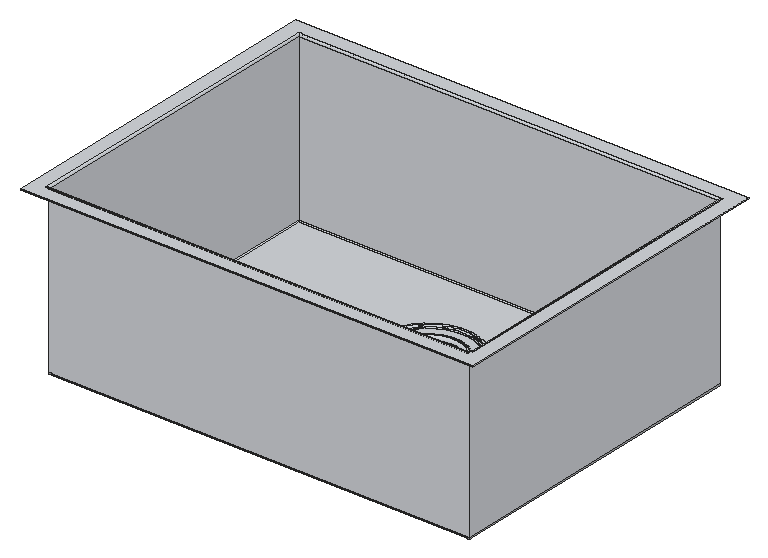
Revit family "Sink-Under_Mount-Kitchen-KOHLER-Vault-K-3822", category Plumbing Fixtures, host Face, Revit 2015
Parameters (values of type "NA-Stainless Steel")
  Width = 18 1/4"  # constant formula
  WaterSense Certified = 1 = 0  # no
  Waste Water Outlet = "Waste Water Outlet"  # constant formula
  Waste Connection = 1 = 1  # yes
  Vent Connection = 1 = 0  # no
  URL = "https://www.us.kohler.com/us/"
  Product Page URL = "http://www.us.kohler.com/us/catalog/productDetails.jsp?productNumber=3822"
  Product Name = "Vault"  # constant formula
  Product Documentation Link = "https://www.us.kohler.com/webassets/kpna/catalog/pdf/en/K-3822_spec.pdf"
  Model = "K-3822-NA"  # constant formula
  Material = "18-Gauge Stainless Steel"  # constant formula
  MasterFormat 2004 = "22.41.16"  # constant formula
  MasterFormat 1995 = "15410"  # constant formula
  Manufacturer Address = "444 Highland Dr, Kohler, WI 53044"  # constant formula
  Manufacturer = "KOHLER Co."  # constant formula
  Length = 24"  # constant formula
  Hot Water Inlet = "Hot Water Inlet"  # constant formula
  Height = 9 3/8"  # constant formula
  HW Connection = 1 = 0  # no
  Finish = Kohler-Metal-NA-Stainless
  Environmental Product Declaration = ""
  Drain Included = 1 = 0  # no
  Description = "24 inch x 18-1/4 inch x 9-3/8 inch under-mount medium single-bowl kitchen sink with no faucet holes"  # constant formula
  Default Elevation = 36"
  Declare Label = ""
  Date Modified = "04/15/2019"  # constant formula
  Date Created = "04/15/2019"  # constant formula
  Copyright = "Copyright KOHLER Co."  # constant formula
  Contact Us = "https://www.us.kohler.com/us/static/contact.jsp"
  Cold Water Inlet = "Cold Water Inlet"  # constant formula
  CW Connection = 1 = 0  # no
  Assembly Code = "D2010400"
  ADA Compliant = 1 = 0  # no
Reference planes
  plane 1 "Center (Front/Back)": y = 0
  plane 2: z = 0
  plane 3 "Center (Left/Right)": x = 0
  plane 4: x = -304.8
  plane 5: x = 304.8
  plane 6: y = -304.8
  plane 7: y = 158.75
  plane 8: x = -282.575
  plane 9: y = 136.525
  plane 10: y = -282.575
  plane 11: x = 282.575
  plane 12: z = -25.4
  plane 13: z = -263.525
  plane 14: z = -332.613
Forms (mm)
  Extrusion 1, void
    sketch origin (0, 0, 0) x (1, 0, 0) y (0, 1, 0)
      loop
        line (-284.063, 138.013) -> (-284.063, -284.063) -> (284.063, -284.063) -> (284.063, 138.013) -> (-284.063, 138.013)
    from -25.4 to 19.401
  Extrusion 2, void
    sketch origin (0, 0, 0) x (1, 0, 0) y (0, 1, 0)
      loop
        line (-304.8, 158.75) -> (-304.8, -304.8) -> (304.8, -304.8) -> (304.8, 158.75) -> (-304.8, 158.75)
    from -332.613 to -25.4
Dimensions and locks
  locked: level to plane 12 at 25.4
  locked: plane 7 to plane 9 at 22.225
  "Length": plane 4 to plane 5
  "Width": plane 7 to plane 6
  "Height": plane 12 to plane 13
  locked: plane 7 to plane 1 "Center (Front/Back)" at 158.75
  aligned and locked: plane 2 to host face
  aligned and locked: level to host face
Automatic sketch dimensions
  host sketch curve to host sketch curve = 96"  (x2)
  Extrusion 2 sketch curve to plane 4 = 0"
  Extrusion 2 sketch curve to plane 5 = 0"
  plane 6 to Extrusion 2 sketch curve = 0"
  Extrusion 2 sketch curve to plane 7 = 0"
  Extrusion 1 sketch curve to plane 8 = 15/256"
  Extrusion 1 sketch curve to plane 11 = 15/256"
  Extrusion 1 sketch curve to plane 10 = 15/256"
  plane 9 to Extrusion 1 sketch curve = 15/256"
Nested families
  nested 1: "K-3822" at (0, -22.225, -25.4), type "K-3822"
Connectors
  piping at (0, 0, -332.613), diameter 38.1, driven by "Waste Connection", driven by "Waste Water Outlet"
    settings: on nested 1, index 1, connector inside diameter 24", connector length 0", flow factor 0, pipe flow 0 GPM, pressure drop 0.00 psi, fitting loss kfactor 0, connector angle 0.00°, fixture units 0, engagement length 0", angle of deflection 0.00°, flow configuration 0, flow direction 2, fitting loss method 0, system type 16, joint type 0, gender type 0, connector reference index -1, connector utility 1, adjustable connector no, is connector primary yes, connector description "Waste Water Outlet"
Definition of nested family "K-3822"
  Parameters (values of type "K-3822")
    Material = none
  Reference planes
    plane 1 "Center (Front/Back)": y = 0
    plane 2: z = 0
    plane 3 "Center (Left/Right)": x = 0
    plane 4: x = -304.8
    plane 5: y = 158.75
    plane 6: y = 180.975
    plane 7: y = -282.575
    plane 8: y = -260.35
    plane 9: x = 304.8
    plane 10: x = 282.575
    plane 11: x = -282.575
    plane 12: z = -238.125
    plane 13: y = 22.225
  Forms (mm)
    Sweep 1, solid, material <- "Material", detail levels medium+fine
      path origin (0, 0, 0) x (1, 0, 0) y (0, 1, 0)
        loop
          line (282.575, 158.75) -> (-282.575, 158.75) -> (-282.575, -260.35) -> (282.575, -260.35) -> (282.575, 158.75)
      profile origin (-282.575, -50.8, 0) x (1, 0, 0) y (0, 0, 1)
        loop
          arc (0, -2.772) -> (-0.812, -0.812) -> (-2.772, 0) r 2.772
          line (-2.772, 0) -> (-22.225, 0) -> (-22.225, -1.219) -> (-2.792, -1.219)
          arc (-2.792, -1.219) -> (-1.68, -1.68) -> (-1.219, -2.792) r 1.573
          line (-1.219, -2.792) -> (-1.219, -223.65)
          arc (-1.219, -223.65) -> (-0.406, -225.615) -> (1.559, -226.429) r 2.778
          line (1.559, -226.429) -> (4.329, -226.429) -> (4.329, -225.21) -> (1.587, -225.21)
          arc (1.587, -225.21) -> (0.465, -224.745) -> (0, -223.622) r 1.588
          line (0, -223.622) -> (0, -2.772)
    Blend 2, solid, material <- "Material", detail levels medium+fine
      base sketch origin (0, 0, 0) x (1, 0, 0) y (0, 1, 0)
        loop
          line (-280.988, -258.763) -> (280.988, -258.763) -> (280.988, 157.163) -> (-280.988, 157.163) -> (-280.988, -258.763)
      top sketch origin (0, 0, 0) x (1, 0, 0) y (0, 1, 0)
        loop
          arc (55.489, 49.035) -> (0.093, 83.851) -> (-55.407, 49.203) r 61.626
          arc (-55.407, 49.203) -> (-60.778, 12.034) -> (-43.578, -21.35) r 61.626
          arc (-43.578, -21.35) -> (-0.082, -39.401) -> (43.461, -21.466) r 61.626
          arc (43.461, -21.466) -> (60.749, 11.861) -> (55.489, 49.035) r 61.626
      from -226.429 to -232.216
    Extrusion 3, solid, material <- "Material", detail levels medium+fine
      sketch origin (0, 0, 0) x (1, 0, 0) y (0, 1, 0)
        loop
          line (278.246, 154.421) -> (-278.246, 154.421) -> (-278.246, -256.021) -> (278.246, -256.021) -> (278.246, 154.421)
      from -226.429 to -225.21
    Revolve 4, solid, material <- "Material", detail levels medium+fine
      sketch origin (0, 22.225, 0) x (1, 0, 0) y (0, 0, 1)
        loop
          line (-48.451, -238.125) -> (-46.357, -238.125) -> (-46.357, -236.064) -> (-44.57, -236.411)
          arc (-44.57, -236.411) -> (-43.262, -237.189) -> (-42.748, -238.621) r 2.252
          line (-42.748, -238.621) -> (-42.748, -239.522) -> (-57.15, -239.522) -> (-57.15, -253.719)
          arc (-57.15, -253.719) -> (-56.919, -254.277) -> (-56.361, -254.508) r 0.789
          line (-56.361, -254.508) -> (-48.241, -254.508)
          arc (-48.241, -254.508) -> (-47.177, -254.949) -> (-46.736, -256.013) r 1.505
          line (-46.736, -256.013) -> (-46.736, -257.786)
          arc (-46.736, -257.786) -> (-46.506, -258.342) -> (-45.95, -258.572) r 0.786
          line (-45.95, -258.572) -> (-42.748, -258.572) -> (-42.748, -265.798) -> (-41.669, -266.878)
          arc (-41.669, -266.878) -> (-41.146, -268.678) -> (-39.668, -269.83) r 3.043
          line (-39.668, -269.83) -> (-30.14, -273.298)
          arc (-30.14, -273.298) -> (-25.515, -276.847) -> (-23.762, -282.407) r 9.693
          line (-23.762, -282.407) -> (-23.762, -291.163) -> (-22.095, -292.125) -> (-27.178, -292.125) -> (-27.178, -300.02) -> (-23.472, -306.44)
          arc (-23.472, -306.44) -> (-22.905, -307.006) -> (-22.132, -307.213) r 1.547
          line (-22.132, -307.213) -> (0, -307.213) -> (0, -251.866) -> (-40.929, -251.866) -> (-40.929, -232.216) -> (-61.626, -232.216)
          arc (-61.626, -232.216) -> (-60.32, -232.529) -> (-59.298, -233.402) r 2.877
          line (-59.298, -233.402) -> (-58.497, -234.505)
          arc (-58.497, -234.505) -> (-58.105, -234.897) -> (-57.61, -235.149) r 1.774
          line (-57.61, -235.149) -> (-48.451, -238.125)
        axis (0, -232.216) -> (0, -307.213)
      angle from 0 to 360
    Extrusion 5, void
      sketch origin (0, 22.225, 0) x (1, 0, 0) y (0, 1, 0)
        loop
          circle (0, 15.869) r 2.428
        loop
          circle (0, 24.198) r 2.428
        loop
          circle (0, 32.527) r 2.428
        loop
          circle (-7.934, 13.743) r 2.428
        loop
          circle (-13.743, 7.934) r 2.428
        loop
          circle (-15.869, 0) r 2.428
        loop
          circle (-7.478, 23.013) r 2.428
        loop
          circle (-14.223, 19.576) r 2.428
        loop
          circle (-19.576, 14.223) r 2.428
        loop
          circle (-23.013, 7.478) r 2.428
        loop
          circle (-24.198, 0) r 2.428
        loop
          circle (-7.238, 31.711) r 2.428
        loop
          circle (-14.113, 29.306) r 2.428
        loop
          circle (-20.28, 25.431) r 2.428
        loop
          circle (-32.527, 0) r 2.428
        loop
          circle (-31.711, 7.238) r 2.428
        loop
          circle (-29.306, 14.113) r 2.428
        loop
          circle (-25.431, 20.28) r 2.428
        loop
          circle (7.934, 13.743) r 2.428
        loop
          circle (13.743, 7.934) r 2.428
        loop
          circle (7.478, 23.013) r 2.428
        loop
          circle (14.223, 19.576) r 2.428
        loop
          circle (19.576, 14.223) r 2.428
        loop
          circle (23.013, 7.478) r 2.428
        loop
          circle (7.238, 31.711) r 2.428
        loop
          circle (14.113, 29.306) r 2.428
        loop
          circle (20.28, 25.431) r 2.428
        loop
          circle (31.711, 7.238) r 2.428
        loop
          circle (29.306, 14.113) r 2.428
        loop
          circle (25.431, 20.28) r 2.428
        loop
          circle (7.934, -13.743) r 2.428
        loop
          circle (13.743, -7.934) r 2.428
        loop
          circle (7.478, -23.013) r 2.428
        loop
          circle (14.223, -19.576) r 2.428
        loop
          circle (19.576, -14.223) r 2.428
        loop
          circle (23.013, -7.478) r 2.428
        loop
          circle (7.238, -31.711) r 2.428
        loop
          circle (14.113, -29.306) r 2.428
        loop
          circle (20.28, -25.431) r 2.428
        loop
          circle (31.711, -7.238) r 2.428
        loop
          circle (29.306, -14.113) r 2.428
        loop
          circle (25.431, -20.28) r 2.428
        loop
          circle (-7.934, -13.743) r 2.428
        loop
          circle (-13.743, -7.934) r 2.428
        loop
          circle (-7.478, -23.013) r 2.428
        loop
          circle (-14.223, -19.576) r 2.428
        loop
          circle (-19.576, -14.223) r 2.428
        loop
          circle (-23.013, -7.478) r 2.428
        loop
          circle (-7.238, -31.711) r 2.428
        loop
          circle (-14.113, -29.306) r 2.428
        loop
          circle (-20.28, -25.431) r 2.428
        loop
          circle (-31.711, -7.238) r 2.428
        loop
          circle (-29.306, -14.113) r 2.428
        loop
          circle (-25.431, -20.28) r 2.428
        loop
          circle (15.869, 0) r 2.428
        loop
          circle (24.198, 0) r 2.428
        loop
          circle (32.527, 0) r 2.428
        loop
          circle (0, -15.869) r 2.428
        loop
          circle (0, -24.198) r 2.428
        loop
          circle (0, -32.527) r 2.428
      from -251.866 to -248.848
    Extrusion 6, solid, material <- "Material", detail levels medium+fine
      sketch origin (0, 22.225, 0) x (1, 0, 0) y (0, 1, 0)
        loop
          circle (0, 0) r 12.7
      from -307.213 to -304.614
    Sweep 7, solid, material <- "Material", detail levels coarse
      path origin (0, 0, 0) x (1, 0, 0) y (0, 1, 0)
        loop
          line (282.575, 158.75) -> (-282.575, 158.75) -> (-282.575, -260.35) -> (282.575, -260.35) -> (282.575, 158.75)
      profile origin (-282.575, -50.8, 0) x (1, 0, 0) y (0, 0, 1)
        loop
          line (1.587, 0) -> (-22.225, 0) -> (-22.225, -2.807) -> (-1.219, -2.807) -> (-1.219, -226.429) -> (11.271, -226.429) -> (11.271, -223.622) -> (1.587, -223.622) -> (1.587, 0)
    Extrusion 8, solid, material <- "Material", detail levels coarse
      sketch origin (0, 0, 0) x (1, 0, 0) y (0, 1, 0)
        loop
          line (-271.304, 147.479) -> (-271.304, -249.079) -> (271.304, -249.079) -> (271.304, 147.479) -> (-271.304, 147.479)
      from -226.429 to -223.622
    Extrusion 9, solid, material <- "Material", detail levels coarse
      sketch origin (0, 0, 0) x (1, 0, 0) y (0, 1, 0)
        loop
          circle (0, 22.225) r 61.202
      from -307.213 to -223.622
    Revolve 10, solid, detail levels medium+fine
      sketch origin (0, 22.225, 0) x (1, 0, 0) y (0, 0, 1)
        loop
          arc (-35.518, -248.848) -> (-37.146, -248.198) -> (-37.88, -246.607) r 2.365
          line (-37.88, -246.607) -> (-38.692, -231.106)
          arc (-38.692, -231.106) -> (-39.911, -228.463) -> (-42.614, -227.385) r 3.927
          line (-42.614, -227.385) -> (-44.489, -227.385) -> (-44.489, -228.79) -> (-45.894, -227.385) -> (-57.149, -227.385) -> (-57.149, -228.251)
          arc (-57.149, -228.251) -> (-57.524, -227.956) -> (-57.839, -227.598) r 2.59
          line (-57.839, -227.598) -> (-58.712, -226.396)
          arc (-58.712, -226.396) -> (-59.734, -225.523) -> (-61.04, -225.21) r 2.877
          arc (-61.04, -225.21) -> (-61.649, -225.847) -> (-60.984, -226.426) r 0.609
          arc (-60.984, -226.426) -> (-60.379, -226.544) -> (-59.933, -226.97) r 1.097
          line (-59.933, -226.97) -> (-58.044, -230.243) -> (-40.929, -230.243) -> (-40.929, -251.866) -> (0, -251.866) -> (0, -223.647)
          arc (0, -223.647) -> (-3.586, -223.97) -> (-7.056, -224.929) r 20.054
          arc (-7.056, -224.929) -> (-7.858, -226.343) -> (-6.61, -227.385) r 1.268
          line (-6.61, -227.385) -> (-3.772, -227.385) -> (-3.772, -244.022) -> (-6.13, -244.022)
          arc (-6.13, -244.022) -> (-6.842, -244.317) -> (-7.137, -245.029) r 1.007
          line (-7.137, -245.029) -> (-7.137, -248.848) -> (-35.518, -248.848)
        axis (0, -223.647) -> (0, -251.866)
      angle from 0 to 360
    Revolve 11, void
      sketch origin (0, 22.225, 0) x (1, 0, 0) y (0, 0, 1)
        loop
          line (0, -233.826) -> (0, -225.21) -> (-64.155, -225.21)
          arc (-64.155, -225.21) -> (-61.169, -226.55) -> (-60.184, -229.672) r 3.998
          arc (-60.184, -229.672) -> (-60.684, -231.831) -> (-61.65, -233.826) r 9.96
          line (-61.65, -233.826) -> (0, -233.826)
        axis (0, -225.21) -> (0, -233.826)
      angle from 0 to 360
  Cuts and joins
    joined: Sweep 7, Extrusion 8, Extrusion 9
    Revolve 11 cuts Sweep 1
    Revolve 11 cuts Extrusion 3
    joined: Sweep 1, Extrusion 3, Revolve 4
    Extrusion 5 cuts Revolve 10
    Revolve 11 cuts Blend 2
  Lines and regions (mm)
    Masking region 1
      outline origin (0, 0, 0) x (1, 0, 0) y (0, 0, 1)
        loop
          arc (61.626, -232.216) -> (60.32, -232.529) -> (59.298, -233.402) r 2.877
          line (59.298, -233.402) -> (58.497, -234.505)
          arc (58.497, -234.505) -> (58.105, -234.897) -> (57.61, -235.149) r 1.774
          line (57.61, -235.149) -> (48.451, -238.125) -> (42.748, -238.125) -> (42.748, -239.522) -> (57.15, -239.522) -> (57.15, -253.719)
          arc (57.15, -253.719) -> (56.919, -254.277) -> (56.361, -254.508) r 0.789
          line (56.361, -254.508) -> (48.241, -254.508)
          arc (48.241, -254.508) -> (47.177, -254.949) -> (46.736, -256.013) r 1.505
          line (46.736, -256.013) -> (46.736, -257.786)
          arc (46.736, -257.786) -> (46.506, -258.342) -> (45.95, -258.572) r 0.786
          line (45.95, -258.572) -> (42.748, -258.572) -> (42.748, -265.798) -> (41.669, -266.878)
          arc (41.669, -266.878) -> (41.146, -268.678) -> (39.668, -269.83) r 3.043
          line (39.668, -269.83) -> (30.14, -273.298)
          arc (30.14, -273.298) -> (25.515, -276.847) -> (23.762, -282.407) r 9.693
          line (23.762, -282.407) -> (23.762, -291.163) -> (22.095, -292.125) -> (27.178, -292.125) -> (27.178, -300.02) -> (23.472, -306.44)
          arc (23.472, -306.44) -> (22.905, -307.006) -> (22.132, -307.213) r 1.547
          line (22.132, -307.213) -> (-22.132, -307.213)
          arc (-22.132, -307.213) -> (-22.905, -307.006) -> (-23.472, -306.44) r 1.547
          line (-23.472, -306.44) -> (-27.178, -300.02) -> (-27.178, -292.125) -> (-22.095, -292.125) -> (-23.762, -291.163) -> (-23.762, -282.407)
          arc (-23.762, -282.407) -> (-25.515, -276.847) -> (-30.14, -273.298) r 9.693
          line (-30.14, -273.298) -> (-39.668, -269.83)
          arc (-39.668, -269.83) -> (-41.146, -268.678) -> (-41.669, -266.878) r 3.043
          line (-41.669, -266.878) -> (-42.748, -265.798) -> (-42.748, -258.572) -> (-45.95, -258.572)
          arc (-45.95, -258.572) -> (-46.506, -258.342) -> (-46.736, -257.786) r 0.786
          line (-46.736, -257.786) -> (-46.736, -256.013)
          arc (-46.736, -256.013) -> (-47.177, -254.949) -> (-48.241, -254.508) r 1.505
          line (-48.241, -254.508) -> (-56.361, -254.508)
          arc (-56.361, -254.508) -> (-56.919, -254.277) -> (-57.15, -253.719) r 0.789
          line (-57.15, -253.719) -> (-57.15, -239.522) -> (-42.748, -239.522) -> (-42.748, -238.125) -> (-48.451, -238.125) -> (-57.61, -235.149)
          arc (-57.61, -235.149) -> (-58.105, -234.897) -> (-58.497, -234.505) r 1.774
          line (-58.497, -234.505) -> (-59.298, -233.402)
          arc (-59.298, -233.402) -> (-60.286, -232.547) -> (-61.55, -232.217) r 2.877
          line (-61.55, -232.217) -> (-281.076, -226.428)
          arc (-281.076, -226.428) -> (-283.002, -225.585) -> (-283.794, -223.636) r 2.792
          line (-283.794, -223.636) -> (-283.794, -2.792)
          arc (-283.794, -2.792) -> (-284.255, -1.68) -> (-285.367, -1.219) r 1.573
          line (-285.367, -1.219) -> (-304.8, -1.219) -> (-304.8, 0) -> (304.8, 0) -> (304.8, -1.219) -> (285.367, -1.219)
          arc (285.367, -1.219) -> (284.255, -1.68) -> (283.794, -2.792) r 1.573
          line (283.794, -2.792) -> (283.794, -223.636)
          arc (283.794, -223.636) -> (283.002, -225.585) -> (281.076, -226.428) r 2.792
          line (281.076, -226.428) -> (61.55, -232.217)
    Masking region 2
      outline origin (0, 0, 0) x (0, 1, 0) y (0, 0, 1)
        loop
          line (70.676, -238.125) -> (79.835, -235.149)
          arc (79.835, -235.149) -> (80.33, -234.897) -> (80.722, -234.505) r 1.774
          line (80.722, -234.505) -> (81.523, -233.402)
          arc (81.523, -233.402) -> (82.545, -232.529) -> (83.851, -232.216) r 2.877
          line (83.851, -232.216) -> (157.423, -226.412)
          arc (157.423, -226.412) -> (159.235, -225.533) -> (159.969, -223.657) r 2.764
          line (159.969, -223.657) -> (159.969, -2.792)
          arc (159.969, -2.792) -> (160.43, -1.68) -> (161.542, -1.219) r 1.573
          line (161.542, -1.219) -> (180.975, -1.219) -> (180.975, 0) -> (-282.575, 0) -> (-282.575, -1.219) -> (-263.142, -1.219)
          arc (-263.142, -1.219) -> (-262.03, -1.68) -> (-261.569, -2.792) r 1.573
          line (-261.569, -2.792) -> (-261.569, -223.657)
          arc (-261.569, -223.657) -> (-260.785, -225.585) -> (-258.879, -226.42) r 2.764
          line (-258.879, -226.42) -> (-39.401, -232.216)
          arc (-39.401, -232.216) -> (-38.095, -232.529) -> (-37.073, -233.402) r 2.877
          line (-37.073, -233.402) -> (-36.272, -234.505)
          arc (-36.272, -234.505) -> (-35.88, -234.897) -> (-35.385, -235.149) r 1.774
          line (-35.385, -235.149) -> (-26.226, -238.125) -> (-20.523, -238.125) -> (-20.523, -239.522) -> (-34.925, -239.522) -> (-34.925, -253.719)
          arc (-34.925, -253.719) -> (-34.694, -254.277) -> (-34.136, -254.508) r 0.789
          line (-34.136, -254.508) -> (-26.016, -254.508)
          arc (-26.016, -254.508) -> (-24.952, -254.949) -> (-24.511, -256.013) r 1.505
          line (-24.511, -256.013) -> (-24.511, -257.786)
          arc (-24.511, -257.786) -> (-24.281, -258.342) -> (-23.725, -258.572) r 0.786
          line (-23.725, -258.572) -> (-20.523, -258.572) -> (-20.523, -265.798) -> (-19.444, -266.878)
          arc (-19.444, -266.878) -> (-18.921, -268.678) -> (-17.443, -269.83) r 3.043
          line (-17.443, -269.83) -> (-7.915, -273.298)
          arc (-7.915, -273.298) -> (-3.29, -276.847) -> (-1.537, -282.407) r 9.693
          line (-1.537, -282.407) -> (-1.537, -291.163) -> (0.13, -292.125) -> (-4.953, -292.125) -> (-4.953, -300.02) -> (-1.247, -306.44)
          arc (-1.247, -306.44) -> (-0.68, -307.006) -> (0.093, -307.213) r 1.547
          line (0.093, -307.213) -> (44.357, -307.213)
          arc (44.357, -307.213) -> (45.13, -307.006) -> (45.697, -306.44) r 1.547
          line (45.697, -306.44) -> (49.403, -300.02) -> (49.403, -292.125) -> (44.32, -292.125) -> (45.987, -291.163) -> (45.987, -282.407)
          arc (45.987, -282.407) -> (47.74, -276.847) -> (52.365, -273.298) r 9.693
          line (52.365, -273.298) -> (61.893, -269.83)
          arc (61.893, -269.83) -> (63.371, -268.678) -> (63.894, -266.878) r 3.043
          line (63.894, -266.878) -> (64.973, -265.798) -> (64.973, -258.572) -> (68.175, -258.572)
          arc (68.175, -258.572) -> (68.731, -258.342) -> (68.961, -257.786) r 0.786
          line (68.961, -257.786) -> (68.961, -256.013)
          arc (68.961, -256.013) -> (69.402, -254.949) -> (70.466, -254.508) r 1.505
          line (70.466, -254.508) -> (78.586, -254.508)
          arc (78.586, -254.508) -> (79.144, -254.277) -> (79.375, -253.719) r 0.789
          line (79.375, -253.719) -> (79.375, -239.522) -> (64.973, -239.522) -> (64.973, -238.125) -> (70.676, -238.125)
    Masking region 3
      outline origin (0, 0, 0) x (1, 0, 0) y (0, 1, 0)
        loop
          line (-304.8, 173.827) -> (-304.8, -275.427)
          arc (-304.8, -275.427) -> (-302.706, -280.481) -> (-297.652, -282.575) r 7.148
          line (-297.652, -282.575) -> (297.652, -282.575)
          arc (297.652, -282.575) -> (302.706, -280.481) -> (304.8, -275.427) r 7.148
          line (304.8, -275.427) -> (304.8, 173.827)
          arc (304.8, 173.827) -> (302.706, 178.881) -> (297.652, 180.975) r 7.148
          line (297.652, 180.975) -> (-297.652, 180.975)
          arc (-297.652, 180.975) -> (-302.706, 178.881) -> (-304.8, 173.827) r 7.148
    symbolic lines, detail levels medium+fine
      curve 1: line (-282.575, 156.294, 0) -> (-282.575, -257.894, 0)
      curve 2: line (280.119, 158.75, 0) -> (-280.119, 158.75, 0)
      curve 3: line (280.119, -260.35, 0) -> (-280.119, -260.35, 0)
      curve 4: line (282.575, 156.294, 0) -> (282.575, -257.894, 0)
      curve 5: arc (-280.119, 158.75, 0) -> (-281.856, 158.031, 0) -> (-282.575, 156.294, 0) r 2.456
      curve 6: arc (280.119, 158.75, 0) -> (281.856, 158.031, 0) -> (282.575, 156.294, 0) r 2.456
      curve 7: arc (-280.119, -260.35, 0) -> (-281.856, -259.631, 0) -> (-282.575, -257.894, 0) r 2.456
      curve 8: arc (280.119, -260.35, 0) -> (281.856, -259.631, 0) -> (282.575, -257.894, 0) r 2.456
      curve 9: circle (0, 22.225, 0) r 64.155 normal (0, 0, -1)
      curve 10: circle (0, 22.225, 0) r 45.894 normal (0, 0, -1)
      curve 11: circle (0, 22.225, 0) r 44.489 normal (0, 0, -1)
      curve 12: circle (0, 22.225, 0) r 7.884 normal (0, 0, 1)
      curve 13: circle (0, 22.225, 0) r 60.367 normal (0, 0, 1)
      curve 14: arc (-2.428, 54.752, 0) -> (0, 57.18, 0) -> (2.428, 54.752, 0) r 2.428
      curve 15: arc (2.428, 54.752, 0) -> (0, 52.324, 0) -> (-2.428, 54.752, 0) r 2.428
      curve 16: arc (-2.428, 46.423, 0) -> (0, 48.851, 0) -> (2.428, 46.423, 0) r 2.428
      curve 17: arc (2.428, 46.423, 0) -> (0, 43.995, 0) -> (-2.428, 46.423, 0) r 2.428
      curve 18: arc (2.428, 38.094, 0) -> (0, 35.666, 0) -> (-2.428, 38.094, 0) r 2.428
      curve 19: arc (-2.428, 38.094, 0) -> (0, 40.522, 0) -> (2.428, 38.094, 0) r 2.428
      curve 20: arc (-5.832, 37.182, 0) -> (-6.72, 33.865, 0) -> (-10.037, 34.754, 0) r 2.428
      curve 21: arc (-10.037, 34.754, 0) -> (-9.148, 38.07, 0) -> (-5.832, 37.182, 0) r 2.428
      curve 22: arc (-12.529, 32.262, 0) -> (-11.64, 28.945, 0) -> (-14.957, 28.057, 0) r 2.428
      curve 23: arc (-14.957, 28.057, 0) -> (-15.845, 31.373, 0) -> (-12.529, 32.262, 0) r 2.428
      curve 24: circle (-15.869, 22.225, 0) r 2.428 normal (0, 0, 1)
      curve 25: circle (-24.198, 22.225, 0) r 2.428 normal (0, 0, 1)
      curve 26: circle (-32.527, 22.225, 0) r 2.428 normal (0, 0, 1)
      curve 27: arc (-31.171, 31.83, 0) -> (-29.344, 28.923, 0) -> (-32.252, 27.096, 0) r 2.428
      curve 28: arc (-32.252, 27.096, 0) -> (-34.079, 30.003, 0) -> (-31.171, 31.83, 0) r 2.428
      curve 29: arc (-23.764, 27.393, 0) -> (-25.323, 30.453, 0) -> (-22.263, 32.012, 0) r 2.428
      curve 30: arc (-22.263, 32.012, 0) -> (-20.704, 28.952, 0) -> (-23.764, 27.393, 0) r 2.428
      curve 31: arc (-18.149, 38.412, 0) -> (-17.612, 35.021, 0) -> (-21.004, 34.484, 0) r 2.428
      curve 32: arc (-21.004, 34.484, 0) -> (-21.541, 37.875, 0) -> (-18.149, 38.412, 0) r 2.428
      curve 33: arc (-12.259, 43.229, 0) -> (-12.796, 39.837, 0) -> (-16.187, 40.374, 0) r 2.428
      curve 34: arc (-16.187, 40.374, 0) -> (-15.65, 43.766, 0) -> (-12.259, 43.229, 0) r 2.428
      curve 35: arc (-5.168, 45.989, 0) -> (-6.727, 42.929, 0) -> (-9.787, 44.488, 0) r 2.428
      curve 36: arc (-9.787, 44.488, 0) -> (-8.228, 47.548, 0) -> (-5.168, 45.989, 0) r 2.428
      curve 37: arc (-28.252, 38.525, 0) -> (-27.118, 35.284, 0) -> (-30.359, 34.15, 0) r 2.428
      curve 38: arc (-30.359, 34.15, 0) -> (-31.493, 37.391, 0) -> (-28.252, 38.525, 0) r 2.428
      curve 39: arc (-23.917, 44.403, 0) -> (-23.532, 40.991, 0) -> (-26.945, 40.607, 0) r 2.428
      curve 40: arc (-26.945, 40.607, 0) -> (-27.329, 44.019, 0) -> (-23.917, 44.403, 0) r 2.428
      curve 41: arc (-18.382, 49.17, 0) -> (-18.766, 45.757, 0) -> (-22.178, 46.142, 0) r 2.428
      curve 42: arc (-22.178, 46.142, 0) -> (-21.794, 49.554, 0) -> (-18.382, 49.17, 0) r 2.428
      curve 43: arc (-11.925, 52.584, 0) -> (-13.059, 49.343, 0) -> (-16.3, 50.477, 0) r 2.428
      curve 44: arc (-16.3, 50.477, 0) -> (-15.166, 53.718, 0) -> (-11.925, 52.584, 0) r 2.428
      curve 45: arc (-4.871, 54.477, 0) -> (-6.698, 51.569, 0) -> (-9.605, 53.396, 0) r 2.428
      curve 46: arc (-9.605, 53.396, 0) -> (-7.778, 56.304, 0) -> (-4.871, 54.477, 0) r 2.428
      curve 47: arc (5.832, 37.182, 0) -> (6.72, 33.865, 0) -> (10.037, 34.754, 0) r 2.428
      curve 48: arc (10.037, 34.754, 0) -> (9.148, 38.07, 0) -> (5.832, 37.182, 0) r 2.428
      curve 49: arc (12.529, 32.262, 0) -> (11.64, 28.945, 0) -> (14.957, 28.057, 0) r 2.428
      curve 50: arc (14.957, 28.057, 0) -> (15.845, 31.373, 0) -> (12.529, 32.262, 0) r 2.428
      curve 51: arc (31.171, 31.83, 0) -> (29.344, 28.923, 0) -> (32.252, 27.096, 0) r 2.428
      curve 52: arc (32.252, 27.096, 0) -> (34.079, 30.003, 0) -> (31.171, 31.83, 0) r 2.428
      curve 53: arc (23.764, 27.393, 0) -> (25.323, 30.453, 0) -> (22.263, 32.012, 0) r 2.428
      curve 54: arc (22.263, 32.012, 0) -> (20.704, 28.952, 0) -> (23.764, 27.393, 0) r 2.428
      curve 55: arc (18.149, 38.412, 0) -> (17.612, 35.021, 0) -> (21.004, 34.484, 0) r 2.428
      curve 56: arc (21.004, 34.484, 0) -> (21.541, 37.875, 0) -> (18.149, 38.412, 0) r 2.428
      curve 57: arc (12.259, 43.229, 0) -> (12.796, 39.837, 0) -> (16.187, 40.374, 0) r 2.428
      curve 58: arc (16.187, 40.374, 0) -> (15.65, 43.766, 0) -> (12.259, 43.229, 0) r 2.428
      curve 59: arc (5.168, 45.989, 0) -> (6.727, 42.929, 0) -> (9.787, 44.488, 0) r 2.428
      curve 60: arc (9.787, 44.488, 0) -> (8.228, 47.548, 0) -> (5.168, 45.989, 0) r 2.428
      curve 61: arc (28.252, 38.525, 0) -> (27.118, 35.284, 0) -> (30.359, 34.15, 0) r 2.428
      curve 62: arc (30.359, 34.15, 0) -> (31.493, 37.391, 0) -> (28.252, 38.525, 0) r 2.428
      curve 63: arc (23.917, 44.403, 0) -> (23.532, 40.991, 0) -> (26.945, 40.607, 0) r 2.428
      curve 64: arc (26.945, 40.607, 0) -> (27.329, 44.019, 0) -> (23.917, 44.403, 0) r 2.428
      curve 65: arc (18.382, 49.17, 0) -> (18.766, 45.757, 0) -> (22.178, 46.142, 0) r 2.428
      curve 66: arc (22.178, 46.142, 0) -> (21.794, 49.554, 0) -> (18.382, 49.17, 0) r 2.428
      curve 67: arc (11.925, 52.584, 0) -> (13.059, 49.343, 0) -> (16.3, 50.477, 0) r 2.428
      curve 68: arc (16.3, 50.477, 0) -> (15.166, 53.718, 0) -> (11.925, 52.584, 0) r 2.428
      curve 69: arc (4.871, 54.477, 0) -> (6.698, 51.569, 0) -> (9.605, 53.396, 0) r 2.428
      curve 70: arc (9.605, 53.396, 0) -> (7.778, 56.304, 0) -> (4.871, 54.477, 0) r 2.428
      curve 71: arc (5.832, 7.268, 0) -> (6.72, 10.585, 0) -> (10.037, 9.696, 0) r 2.428
      curve 72: arc (10.037, 9.696, 0) -> (9.148, 6.38, 0) -> (5.832, 7.268, 0) r 2.428
      curve 73: arc (12.529, 12.188, 0) -> (11.64, 15.505, 0) -> (14.957, 16.393, 0) r 2.428
      curve 74: arc (14.957, 16.393, 0) -> (15.845, 13.077, 0) -> (12.529, 12.188, 0) r 2.428
      curve 75: arc (31.171, 12.62, 0) -> (29.344, 15.527, 0) -> (32.252, 17.354, 0) r 2.428
      curve 76: arc (32.252, 17.354, 0) -> (34.079, 14.447, 0) -> (31.171, 12.62, 0) r 2.428
      curve 77: arc (23.764, 17.057, 0) -> (25.323, 13.997, 0) -> (22.263, 12.438, 0) r 2.428
      curve 78: arc (22.263, 12.438, 0) -> (20.704, 15.498, 0) -> (23.764, 17.057, 0) r 2.428
      curve 79: arc (18.149, 6.038, 0) -> (17.612, 9.429, 0) -> (21.004, 9.966, 0) r 2.428
      curve 80: arc (21.004, 9.966, 0) -> (21.541, 6.575, 0) -> (18.149, 6.038, 0) r 2.428
      curve 81: arc (12.259, 1.221, 0) -> (12.796, 4.613, 0) -> (16.187, 4.076, 0) r 2.428
      curve 82: arc (16.187, 4.076, 0) -> (15.65, 0.684, 0) -> (12.259, 1.221, 0) r 2.428
      curve 83: arc (5.168, -1.539, 0) -> (6.727, 1.521, 0) -> (9.787, -0.038, 0) r 2.428
      curve 84: arc (9.787, -0.038, 0) -> (8.228, -3.098, 0) -> (5.168, -1.539, 0) r 2.428
      curve 85: arc (28.252, 5.925, 0) -> (27.118, 9.166, 0) -> (30.359, 10.3, 0) r 2.428
      curve 86: arc (30.359, 10.3, 0) -> (31.493, 7.059, 0) -> (28.252, 5.925, 0) r 2.428
      curve 87: arc (23.917, 0.047, 0) -> (23.532, 3.459, 0) -> (26.945, 3.843, 0) r 2.428
      curve 88: arc (26.945, 3.843, 0) -> (27.329, 0.431, 0) -> (23.917, 0.047, 0) r 2.428
      curve 89: arc (18.382, -4.72, 0) -> (18.766, -1.307, 0) -> (22.178, -1.692, 0) r 2.428
      curve 90: arc (22.178, -1.692, 0) -> (21.794, -5.104, 0) -> (18.382, -4.72, 0) r 2.428
      curve 91: arc (11.925, -8.134, 0) -> (13.059, -4.893, 0) -> (16.3, -6.027, 0) r 2.428
      curve 92: arc (16.3, -6.027, 0) -> (15.166, -9.268, 0) -> (11.925, -8.134, 0) r 2.428
      curve 93: arc (4.871, -10.027, 0) -> (6.698, -7.119, 0) -> (9.605, -8.946, 0) r 2.428
      curve 94: arc (9.605, -8.946, 0) -> (7.778, -11.854, 0) -> (4.871, -10.027, 0) r 2.428
      curve 95: arc (-5.832, 7.268, 0) -> (-6.72, 10.585, 0) -> (-10.037, 9.696, 0) r 2.428
      curve 96: arc (-10.037, 9.696, 0) -> (-9.148, 6.38, 0) -> (-5.832, 7.268, 0) r 2.428
      curve 97: arc (-12.529, 12.188, 0) -> (-11.64, 15.505, 0) -> (-14.957, 16.393, 0) r 2.428
      curve 98: arc (-14.957, 16.393, 0) -> (-15.845, 13.077, 0) -> (-12.529, 12.188, 0) r 2.428
      curve 99: arc (-31.171, 12.62, 0) -> (-29.344, 15.527, 0) -> (-32.252, 17.354, 0) r 2.428
      curve 100: arc (-32.252, 17.354, 0) -> (-34.079, 14.447, 0) -> (-31.171, 12.62, 0) r 2.428
      curve 101: arc (-23.764, 17.057, 0) -> (-25.323, 13.997, 0) -> (-22.263, 12.438, 0) r 2.428
      curve 102: arc (-22.263, 12.438, 0) -> (-20.704, 15.498, 0) -> (-23.764, 17.057, 0) r 2.428
      curve 103: arc (-18.149, 6.038, 0) -> (-17.612, 9.429, 0) -> (-21.004, 9.966, 0) r 2.428
      curve 104: arc (-21.004, 9.966, 0) -> (-21.541, 6.575, 0) -> (-18.149, 6.038, 0) r 2.428
      curve 105: arc (-12.259, 1.221, 0) -> (-12.796, 4.613, 0) -> (-16.187, 4.076, 0) r 2.428
      curve 106: arc (-16.187, 4.076, 0) -> (-15.65, 0.684, 0) -> (-12.259, 1.221, 0) r 2.428
      curve 107: arc (-5.168, -1.539, 0) -> (-6.727, 1.521, 0) -> (-9.787, -0.038, 0) r 2.428
      curve 108: arc (-9.787, -0.038, 0) -> (-8.228, -3.098, 0) -> (-5.168, -1.539, 0) r 2.428
      curve 109: arc (-28.252, 5.925, 0) -> (-27.118, 9.166, 0) -> (-30.359, 10.3, 0) r 2.428
      curve 110: arc (-30.359, 10.3, 0) -> (-31.493, 7.059, 0) -> (-28.252, 5.925, 0) r 2.428
      curve 111: arc (-23.917, 0.047, 0) -> (-23.532, 3.459, 0) -> (-26.945, 3.843, 0) r 2.428
      curve 112: arc (-26.945, 3.843, 0) -> (-27.329, 0.431, 0) -> (-23.917, 0.047, 0) r 2.428
      curve 113: arc (-18.382, -4.72, 0) -> (-18.766, -1.307, 0) -> (-22.178, -1.692, 0) r 2.428
      curve 114: arc (-22.178, -1.692, 0) -> (-21.794, -5.104, 0) -> (-18.382, -4.72, 0) r 2.428
      curve 115: arc (-11.925, -8.134, 0) -> (-13.059, -4.893, 0) -> (-16.3, -6.027, 0) r 2.428
      curve 116: arc (-16.3, -6.027, 0) -> (-15.166, -9.268, 0) -> (-11.925, -8.134, 0) r 2.428
      curve 117: arc (-4.871, -10.027, 0) -> (-6.698, -7.119, 0) -> (-9.605, -8.946, 0) r 2.428
      curve 118: arc (-9.605, -8.946, 0) -> (-7.778, -11.854, 0) -> (-4.871, -10.027, 0) r 2.428
      curve 119: circle (15.869, 22.225, 0) r 2.428 normal (0, 0, -1)
      curve 120: circle (24.198, 22.225, 0) r 2.428 normal (0, 0, -1)
      curve 121: circle (32.527, 22.225, 0) r 2.428 normal (0, 0, -1)
      curve 122: arc (-2.428, -10.302, 0) -> (0, -12.73, 0) -> (2.428, -10.302, 0) r 2.428
      curve 123: arc (2.428, -10.302, 0) -> (0, -7.874, 0) -> (-2.428, -10.302, 0) r 2.428
      curve 124: arc (-2.428, -1.973, 0) -> (0, -4.401, 0) -> (2.428, -1.973, 0) r 2.428
      curve 125: arc (2.428, -1.973, 0) -> (0, 0.455, 0) -> (-2.428, -1.973, 0) r 2.428
      curve 126: arc (2.428, 6.356, 0) -> (0, 8.784, 0) -> (-2.428, 6.356, 0) r 2.428
      curve 127: arc (-2.428, 6.356, 0) -> (0, 3.928, 0) -> (2.428, 6.356, 0) r 2.428
      curve 128: line (-285.367, 0, -1.219) -> (285.367, 0, -1.219)
      curve 129: line (-280.988, 0, -226.429) -> (280.988, 0, -226.429)
      curve 130: line (-61.55, 0, -232.217) -> (61.55, 0, -232.217)
      curve 131: line (-42.748, 0, -238.125) -> (42.748, 0, -238.125)
      curve 132: line (-42.748, 0, -239.522) -> (42.748, 0, -239.522)
      curve 133: line (48.241, 0, -254.508) -> (-48.241, 0, -254.508)
      curve 134: line (-42.748, 0, -258.572) -> (42.748, 0, -258.572)
      curve 135: line (-42.748, 0, -265.798) -> (42.748, 0, -265.798)
      curve 136: line (41.669, 0, -266.878) -> (-41.669, 0, -266.878)
      curve 137: line (-23.762, 0, -291.163) -> (23.762, 0, -291.163)
      curve 138: line (22.095, 0, -292.125) -> (-22.095, 0, -292.125)
      curve 139: line (-27.178, 0, -300.02) -> (27.178, 0, -300.02)
      curve 140: line (0, 161.542, -1.219) -> (0, -263.142, -1.219)
      curve 141: line (0, -258.887, -226.419) -> (0, 157.309, -226.419)
      curve 142: line (0, 83.851, -232.216) -> (0, -41.93, -232.216)
      curve 143: line (0, 64.973, -238.125) -> (0, -20.523, -238.125)
      curve 144: line (0, -20.523, -239.522) -> (0, 64.973, -239.522)
      curve 145: line (0, 70.466, -254.508) -> (0, -26.016, -254.508)
      curve 146: line (0, -20.523, -258.572) -> (0, 64.973, -258.572)
      curve 147: line (0, 64.973, -265.798) -> (0, -20.523, -265.798)
      curve 148: line (0, 63.894, -266.878) -> (0, -19.444, -266.878)
      curve 149: line (0, 45.987, -291.163) -> (0, -1.537, -291.163)
      curve 150: line (0, 0.13, -292.125) -> (0, 44.32, -292.125)
      curve 151: line (0, 49.403, -300.02) -> (0, -4.953, -300.02)
      curve 152: line (-281.856, 158.031, 0) -> (-57.796, 50.073, 0)
      curve 153: line (-281.856, -259.631, 0) -> (-45.365, -23.14, 0)
      curve 154: line (281.856, 158.031, 0) -> (57.796, 50.073, 0)
      curve 155: line (281.856, -259.631, 0) -> (45.365, -23.14, 0)
  Dimensions and locks
    plane 13 to plane 6 = 6 1/4"
    aligned and locked: level to plane 2
